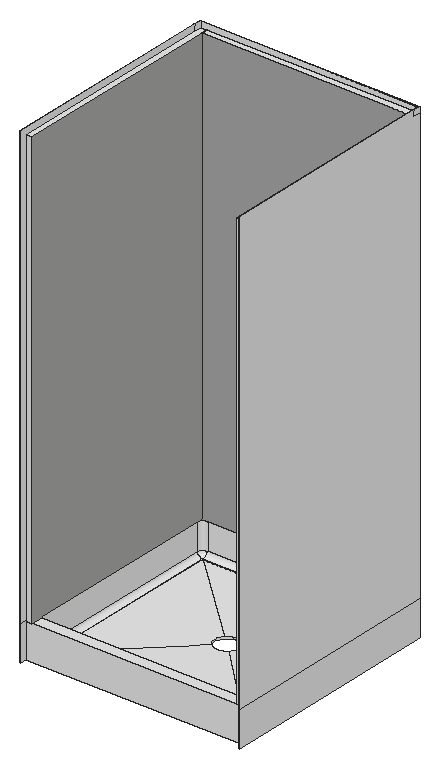
Revit family "4LBS3838FB", category Plumbing Fixtures, Revit 2017
Family settings
  Round Connector Dimension = Use Diameter
  Part Type = Normal
  OmniClass Number = 23.45.05.14.17
  OmniClass Title = Showers
  Work Plane-Based = No
  Always vertical = Yes
  Cut with Voids When Loaded = No
  Shared = No
  Room Calculation Point = No
Parameters (values of type "4LRS4836")
  Unit Width = 38"
  Unit Height = 82 1/2"
  Unit Depth = 39"
  URL = "http://www.bestbath.com/"
  Type Comments = "Remodeler"
  Model = "4LBS4836FB"
  Material [instance] = Best Bath Gelcoat Fiberglass - 4 x 8 Subway Tile
  Manufacturer = "Best Bath Systems"
  Keynote = "22 40 00.B3"
  Description = "4 x 8 Subway Tile Finish"
  Assembly Code = "D2010710"
Reference planes (in)
  plane 1 "Back": y = -0.5
  plane 2: z = 0
  plane 3 "Left": x = 0
  plane 4: x = 38
  plane 5: y = -38.5
  plane 6: z = 81.5
  plane 7: z = 0.625
  plane 8: z = 82.5
  plane 9: x = 19
  plane 10: y = -1.75
  plane 11: y = -18.5
  plane 12: z = 0.25
  plane 13: z = 6
  plane 14: y = -39.5
Forms (in)
  Extrusion 1, solid, material "Best Bath Gelcoat Fiberglass - Smooth"
    sketch origin (0, 0, 0) x (1, 0, 0) y (0, 1, 0)
      loop
        line (0, -0.5) -> (0, -38.5) -> (38, -38.5) -> (38, -0.5) -> (0, -0.5)
      loop
        circle (19, -18.5) r 2.0625
    from 0 to 0.625
  Extrusion 2, solid, material "Best Bath Gelcoat Fiberglass - Smooth"
    sketch origin (0, 0, 0) x (1, 0, 0) y (0, 1, 0)
      loop
        line (1.25, -0.5) -> (1.25, -1.75) -> (36.75, -1.75) -> (36.75, -0.5) -> (1.25, -0.5)
    from 6 to 81.5
  Extrusion 3, solid, material "Best Bath Gelcoat Fiberglass - Smooth"
    sketch origin (0, 0, 0) x (1, 0, 0) y (0, 1, 0)
      loop
        line (0, -38.5) -> (1.25, -38.5) -> (1.25, -2.75)
        arc (1.25, -2.75) -> (1.54289, -2.04289) -> (2.25, -1.75) r 1
        line (2.25, -1.75) -> (35.75, -1.75)
        arc (35.75, -1.75) -> (36.45711, -2.04289) -> (36.75, -2.75) r 1
        line (36.75, -2.75) -> (36.75, -38.5) -> (38, -38.5) -> (38, -0.5) -> (0, -0.5) -> (0, -38.5)
    from 0 to 6
  Extrusion 4, solid, material "Best Bath Gelcoat Fiberglass - Smooth"
    sketch origin (0, 0, 0) x (1, 0, 0) y (0, 1, 0)
      loop
        line (0, -38.5) -> (1.25, -38.5) -> (1.25, -0.5) -> (0, -0.5) -> (0, -38.5)
      loop
        line (36.75, -38.5) -> (38, -38.5) -> (38, -0.5) -> (36.75, -0.5) -> (36.75, -38.5)
    from 6 to 81.5
  Sweep 5, solid, material "Best Bath Gelcoat Fiberglass - Smooth"
    path origin (0, 0, 0) x (1, 0, 0) y (0, 1, 0)
      loop
        line (1.25, -38.5) -> (1.25, -2.75)
        arc (1.25, -2.75) -> (1.54289, -2.04289) -> (2.25, -1.75) r 1
        line (2.25, -1.75) -> (35.75, -1.75)
        arc (35.75, -1.75) -> (36.45711, -2.04289) -> (36.75, -2.75) r 1
        line (36.75, -2.75) -> (36.75, -38.5)
    profile origin (1.25, -20.625, 0) x (-1, 0, 0) y (0, 0, 1)
      loop
        line (0, 0.625) -> (0, 1.525)
        arc (0, 1.525) -> (-0.2636, 0.8886) -> (-0.9, 0.625) r 0.9
        line (-0.9, 0.625) -> (0, 0.625)
  Blend 6, void
    base sketch origin (0, 0, 0) x (1, 0, 0) y (0, 1, 0)
      loop
        line (2.25, -35.5) -> (35.75, -35.5) -> (35.75, -2.75) -> (2.25, -2.75) -> (2.25, -35.5)
    top sketch origin (0, 0, 0) x (1, 0, 0) y (0, 1, 0)
      loop
        circle (19, -18.5) r 0.05278
    from 0.625 to 0.25
  Sweep 7, solid, material "Best Bath Gelcoat Fiberglass - Smooth"
    path origin (0, 0, 0) x (1, 0, 0) y (0, 1, 0)
      loop
        line (1.25, -38.5) -> (36.75, -38.5)
    profile origin (19, -38.5, 0) x (0, 1, 0) y (0, 0, 1)
      loop
        line (0, 0) -> (3.11628, 0) -> (2, 6) -> (0, 6) -> (0, 0)
  Extrusion 8, solid, material "Best Bath Gelcoat Fiberglass - Smooth"
    sketch origin (0, 0, 0) x (1, 0, 0) y (0, 1, 0)
      loop
        line (0, -38.5) -> (0, -39.5) -> (0.125, -39.5) -> (0.125, -38.5) -> (0, -38.5)
      loop
        line (38, -38.5) -> (37.875, -38.5) -> (37.875, -39.5) -> (38, -39.5) -> (38, -38.5)
    from 0 to 6
  Extrusion 9, solid, material "Best Bath Gelcoat Fiberglass - Smooth"
    sketch origin (0, 0, 0) x (1, 0, 0) y (0, 1, 0)
      loop
        line (0, -0.5) -> (0, -1.75) -> (0.125, -1.75) -> (0.125, -0.625) -> (37.875, -0.625) -> (37.875, -1.75) -> (38, -1.75) -> (38, -0.5) -> (0, -0.5)
    from 81.5 to 82.5
  Extrusion 10, solid, material "Best Bath Gelcoat Fiberglass - Smooth"
    sketch origin (0, 0, 0) x (1, 0, 0) y (0, 1, 0)
      loop
        line (0, -39.5) -> (0.125, -39.5) -> (0.125, -1.75) -> (0, -1.75) -> (0, -39.5)
      loop
        line (38, -39.5) -> (38, -1.75) -> (37.875, -1.75) -> (37.875, -39.5) -> (38, -39.5)
    from 6 to 82.5
Cuts and joins
  Blend 6 cuts Extrusion 1
  Blend 6 cuts Extrusion 3
  Blend 6 cuts Sweep 5
  joined: Extrusion 1, Extrusion 3, Sweep 5, Sweep 7, Extrusion 8
  joined: Extrusion 2, Extrusion 9
  joined: Extrusion 4, Extrusion 10
Dimensions and locks (in)
  "Unit Width": plane 3 "Left" to plane 4
  locked: plane 7 to level at 0.625
  locked: plane 8 to plane 6 at 1
  "Unit Height": plane 8 to level
  equal spacing: plane 3 "Left", plane 9, plane 4
  locked: plane 1 "Back" to plane 11 at 18
  plane 10 to plane 1 "Back" = 1 1/4"
  locked: plane 7 to plane 12 at 0.375
  locked: plane 13 to level at 6
  locked: plane 5 to plane 14 at 1
  "Unit Depth": plane 14 to plane 1 "Back"
  aligned and locked: level to plane 2
  aligned and locked: plane 7 to Extrusion 1
  aligned and locked: plane 5 to Extrusion 1 sketch curve
  aligned and locked: plane 4 to Extrusion 1 sketch curve
  aligned and locked: Extrusion 2 sketch curve to Extrusion 1
  aligned and locked: Extrusion 2 sketch curve to plane 10
  aligned and locked: plane 11 to Extrusion 1 sketch curve
  aligned and locked: plane 9 to Extrusion 1 sketch curve
  aligned and locked: plane 13 to Extrusion 3
  aligned and locked: Extrusion 2 to plane 13
  aligned and locked: plane 6 to Extrusion 2
  aligned and locked: Extrusion 4 to Extrusion 2
  aligned and locked: plane 6 to Extrusion 4
  aligned and locked: Sweep 5 sketch curve to plane 7
  aligned and locked: plane 11 to Blend 6 sketch curve
  aligned and locked: plane 9 to Blend 6 sketch curve
  aligned and locked: Extrusion 1 to Blend 6
  aligned and locked: Blend 6 to plane 12
  aligned and locked: Extrusion 8 to Extrusion 2
  aligned and locked: Extrusion 9 to plane 6
  aligned and locked: plane 8 to Extrusion 9
  aligned and locked: Extrusion 10 to plane 13
  aligned and locked: plane 8 to Extrusion 10
Automatic sketch dimensions
  Extrusion 1 sketch curve to plane 3 "Left" = 0"
  plane 1 "Back" to Extrusion 1 sketch curve = 0"
  plane 1 "Back" to Extrusion 3 sketch curve = 0"
  Extrusion 3 sketch curve to plane 3 "Left" = 0"
  Extrusion 3 sketch curve to plane 5 = 0"  (x2)
  Extrusion 3 sketch curve to plane 10 = 0"
  Extrusion 3 sketch curve to plane 4 = 0"
  plane 4 to Extrusion 3 sketch curve = 1 1/4"
  Extrusion 3 sketch curve to plane 10 = 1"
  plane 3 "Left" to Extrusion 3 sketch curve = 1 1/4"
  Extrusion 3 sketch curve to Extrusion 3 sketch curve = 1"
  Sweep 5 sketch curve to plane 10 = 0"
  plane 3 "Left" to Sweep 5 sketch curve = 1 1/4"
  Sweep 5 sketch curve to plane 10 = 1"  (x2)
  Sweep 5 sketch curve to plane 5 = 0"  (x2)
  plane 4 to Sweep 5 sketch curve = 2 1/4"
  Sweep 5 sketch curve to profile plane = 0"
  profile plane to Sweep 5 sketch curve = 0.9"
  Sweep 7 sketch curve to plane 5 = 0"
  plane 3 "Left" to Sweep 7 sketch curve = 1 1/4"
  plane 4 to Sweep 7 sketch curve = 1 1/4"
  Sweep 7 sketch curve to profile plane = 0"
  level to Sweep 7 sketch curve = 6"
  Sweep 7 sketch curve to profile plane = 3.11628"
  Sweep 7 sketch curve to profile plane = 2"
  level to Sweep 7 sketch curve = 0"
  Blend 6 sketch curve to plane 10 = 1"
  plane 3 "Left" to Blend 6 sketch curve = 2 1/4"
  plane 5 to Blend 6 sketch curve = 3"
  plane 4 to Blend 6 sketch curve = 2 1/4"
  Extrusion 8 sketch curve to plane 3 "Left" = 0"
  Extrusion 8 sketch curve to plane 14 = 0"  (x2)
  Extrusion 8 sketch curve to plane 5 = 0"  (x2)
  Extrusion 8 sketch curve to plane 4 = 0"
  plane 3 "Left" to Extrusion 8 sketch curve = 1/8"
  plane 4 to Extrusion 8 sketch curve = 1/8"
  plane 1 "Back" to Extrusion 4 sketch curve = 0"  (x2)
  Extrusion 4 sketch curve to plane 3 "Left" = 0"
  Extrusion 4 sketch curve to plane 5 = 0"  (x2)
  Extrusion 4 sketch curve to plane 4 = 0"
  plane 3 "Left" to Extrusion 4 sketch curve = 1 1/4"
  plane 4 to Extrusion 4 sketch curve = 1 1/4"
  plane 3 "Left" to Extrusion 2 sketch curve = 1 1/4"
  plane 4 to Extrusion 2 sketch curve = 1 1/4"
  Extrusion 10 sketch curve to plane 3 "Left" = 0"
  Extrusion 10 sketch curve to plane 14 = 0"  (x2)
  Extrusion 10 sketch curve to plane 10 = 0"  (x2)
  Extrusion 10 sketch curve to plane 4 = 0"
  plane 3 "Left" to Extrusion 10 sketch curve = 1/8"
  plane 4 to Extrusion 10 sketch curve = 1/8"
  plane 1 "Back" to Extrusion 9 sketch curve = 0"
  Extrusion 9 sketch curve to plane 3 "Left" = 0"
  Extrusion 9 sketch curve to plane 10 = 0"  (x2)
  Extrusion 9 sketch curve to plane 4 = 0"
  plane 3 "Left" to Extrusion 9 sketch curve = 1/8"
  Extrusion 9 sketch curve to Extrusion 9 sketch curve = 1/8"
  plane 1 "Back" to Extrusion 9 sketch curve = 1/8"
  radius of Extrusion 1 sketch curve = 2 1/16"
  radius of Blend 6 sketch curve = 0.05278"
